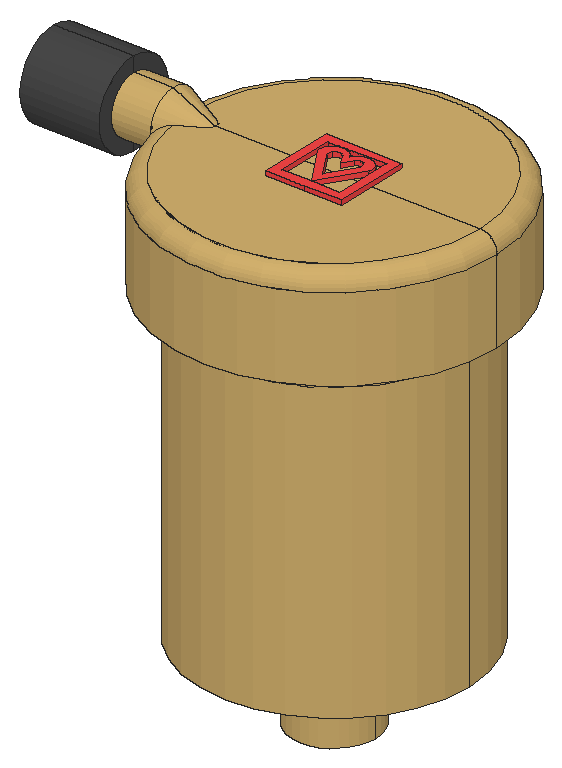
Revit family "Be- u. Entlüfter 2630 02", category Rohrzubehör, Revit 2019
Family settings
  Bemaßung runder Anschluss = Durchmesser verwenden
  Teiletyp = Normal
  OmniClass-Nummer = 23.65.55.14
  OmniClass-Titel = Valves for Liquid Services
  Arbeitsebenenbasiert = Nein
  Immer vertikal = Ja
  Beim Laden mit Abzugskörper schneiden = Nein
  Gemeinsam genutzt = Nein
Parameters
  URL = "www.herz-armaturen.at"
  Schwimmer = "Polypropylen"  # constant formula
  SCRNSEQ = "AWI;AWI_TYP=\"1013\";1"
  SCRNCODE = "05;14;01"  # constant formula
  S02 = 11.000 mm  # constant formula
  S01 = 24.500 mm  # constant formula
  R01 = 2.000 mm  # constant formula
  Nennweite AG [instance] = 10.000 mm  # constant formula
  Min.Betriebstemperatur = 0 °C  # constant formula
  Medium = "Heizungswasser nach ÖNORM H5195 oder VDI- Richtlinie 2035. Die Verwendung von Ethylen- oder Propyleneglykol in einem Mischungsverhältnis von 25 - 50% ist zulässig. EPDM-Dichtungen können durch Mineralöle und Schmiermittel beeinflusst werden, was zum Versagen der EPDM-Dichtungen führen kann. Bitte beachten Sie die Dokumentation des Herstellers, wenn Ethylenglykol-Produkte für den Frost- und Korrosionsschutz verwendet werden."
  Max.Strukturdruck = 1200000.0 Pa  # constant formula
  Max.Betriebstemperatur = 110 °C  # constant formula
  Max.Betriebsdruck = 800000.0 Pa  # constant formula
  L04 = L00 - L01  # 24.000 mm
  L03 = 13.500 mm  # constant formula
  L02 = 4.800 mm  # constant formula
  L01 = 9.500 mm  # constant formula
  L00 = 33.500 mm  # constant formula
  Hersteller = "Herz-Armaturen GmbH"  # constant formula
  H05 = H00 - 1.000 mm  # 58.000 mm
  H04 = H03 - D03  # 57.900 mm
  H03 = 63.000 mm  # constant formula
  H02 = 9.500 mm  # constant formula
  H01 = 12.000 mm  # constant formula
  H00 = 59.000 mm  # constant formula
  Gehäuse = "geschmiedetes Messing nach EN 12165, CW617N"  # constant formula
  G1 [instance] = Nennweite AG / 2  # 5.000 mm
  Dichtungen = "NBR"  # constant formula
  Deckel = "geschmiedetes Messing nach EN 12165, CW617N"  # constant formula
  D05 = 0.800 mm  # constant formula
  D04 = 3.400 mm  # constant formula
  D03 = 5.100 mm  # constant formula
  D02 = 19.500 mm  # constant formula
  D01 = 16.200 mm  # constant formula
  Bestellnummer [instance] = if(Nennweite AG = 10.000 mm, 1263002, 0)  # 1263002
  Aussengewindeanschluss = "nach ISO 228"  # constant formula
  Anwendungsgebiet = "Der automatische Schnellentlüfter wird in Heizungs- und Kühlungssysteme zur Entlüftung der Anlage verwendet. Das Ventil sollte in der Nähe des Boilers oder am höchsten Punkt der Anlage installiert werden, um eine garantierte Entlüftung der Anlage an die Umgebung zu gewährleisten."
  Abdeckkappe = "Polypropylen, Schwarz"  # constant formula
Reference planes
  plane 1 "Mitte (Vorne/hinten)": y = 0
  plane 2: z = 0
  plane 3 "Mitte (Links/rechts)": x = 0
Forms (mm)
  Revolve 1, solid, material "Messing", detail levels fine
    sketch origin (0, 0, 0) x (1, 0, 0) y (0, 0, 1)
      loop
        line (0, 0) -> (0, 59) -> (-17.5, 59)
        arc (-17.5, 59) -> (-18.914, 58.414) -> (-19.5, 57) r 2
        line (-19.5, 57) -> (-19.5, 47) -> (-18.2, 47)
        arc (-18.2, 47) -> (-16.786, 46.414) -> (-16.2, 45) r 2
        line (-16.2, 45) -> (-16.2, 9.5) -> (-5, 9.5) -> (-5, 0) -> (0, 0)
      axis (0, 59) -> (0, 0)
    angle from 0 to 360
  Revolve 2, solid, material "Kunststoff - schwarz", detail levels fine
    sketch origin (0, 0, 0) x (1, 0, 0) y (0, 0, 1)
      loop
        line (-33.5, 57.9) -> (-24, 57.9) -> (-24, 63) -> (-33.5, 63) -> (-33.5, 57.9)
      axis (-33.5, 57.9) -> (-24, 57.9)
    angle from 0 to 360
  Revolve 3, solid, material "Messing", detail levels fine
    sketch origin (0, 0, 0) x (1, 0, 0) y (0, 0, 1)
      loop
        line (-24, 57.9) -> (0, 57.9) -> (0, 58.7) -> (-13.5, 58.7) -> (-19.2, 61.3) -> (-24, 61.3) -> (-24, 57.9)
      axis (-24, 57.9) -> (0, 57.9)
    angle from 0 to 360
Lines and regions (mm)
  model lines, detail levels coarse+medium
    curve 1: line (0, 0, 59) -> (-11.455, 0, 47.545)
    curve 2: line (0, 0, 59) -> (11.455, 0, 47.545)
    curve 3: circle (0, 0, 34.5) r 11 normal (0, -1, 0)
    curve 4: line (0, 0, 10) -> (-11.455, 0, 21.455)
    curve 5: line (0, 0, 10) -> (11.455, 0, 21.455)
    curve 6: line (0, 0, 59) -> (0, 0, 45.5)
    curve 7: line (0, 0, 23.5) -> (0, 0, 0)
    curve 8: line (0, 0, 59) -> (0, -11.455, 47.545)
    curve 9: line (0, 0, 59) -> (0, 11.455, 47.545)
    curve 10: circle (0, 0, 34.5) r 11 normal (1, 0, 0)
    curve 11: line (0, 0, 10) -> (0, -11.455, 21.455)
    curve 12: line (0, 0, 10) -> (0, 11.455, 21.455)
    curve 13: line (0, 59, 0) -> (11.455, 47.545, 0)
    curve 14: line (0, 59, 0) -> (-11.455, 47.545, 0)
    curve 15: circle (0, 34.5, 0) r 11 normal (0, 0, 1)
    curve 16: line (0, 59, 0) -> (0, 45.5, 0)
    curve 17: line (0, 23.5, 0) -> (0, 0, 0)
    curve 18: line (0, 10, 0) -> (11.455, 21.455, 0)
    curve 19: line (0, 10, 0) -> (-11.455, 21.455, 0)
Dimensions and locks
  "G1": Revolve 1 sketch curve to Revolve 1 sketch curve
  "H00": Revolve 1 sketch curve to Revolve 1 sketch curve
  "D01": Revolve 1 sketch curve to Revolve 1 sketch curve
  "D02": Revolve 1 sketch curve to Revolve 1 sketch curve
  "H02": Revolve 1 sketch curve to Revolve 1 sketch curve
  "H01": Revolve 1 sketch curve to Revolve 1 sketch curve
  "D03": Revolve 2 sketch curve to Revolve 2 sketch curve
  "L01": Revolve 2 sketch curve to Revolve 2 sketch curve
  "L00": Revolve 2 sketch curve to plane 3 "Mitte (Links/rechts)"
  "D04": Revolve 3 sketch curve to Revolve 3 sketch curve
  "L02": Revolve 3 sketch curve to Revolve 3 sketch curve
  "L03": Revolve 3 sketch curve to plane 3 "Mitte (Links/rechts)"
  "L04": Revolve 3 sketch curve to plane 3 "Mitte (Links/rechts)"
  "D05": Revolve 3 sketch curve to Revolve 3 sketch curve
  "H03": Revolve 2 sketch curve to plane 2
  "H04": Revolve 3 sketch curve to plane 2
  "H05": nested 1 to plane 2
  "D01": curve 2 to curve 2
  "D01": curve 1 to curve 2
  "S01": curve 5 to curve 3 to curve 2
  "H00": curve 6 to plane 2
  "D01": curve 4 to curve 5
  "D01": curve 5 to curve 5
  "S01": curve 9 to curve 10
  "H00": curve 9 to plane 2
  "S01": curve 12 to curve 10
  "D01": curve 8 to curve 8
  "D01": curve 9 to curve 9
  "D01": curve 11 to curve 11
  "D01": curve 12 to curve 12
  "H00": curve 16 to curve 17
  "D01": curve 14 to curve 14
  "D01": curve 13 to curve 13
  "D01": curve 19 to curve 19
  "D01": curve 18 to curve 18
  "S01": curve 16 to curve 15 to curve 19
  "R01": radius of Revolve 1 sketch curve  (x2)
  "S02": radius of curve 3
  "S02": radius of curve 10
  "S02": radius of curve 15
  angle curve 1 to curve 6 = 45.00°
  angle curve 6 to curve 2 = 45.00°
  angle curve 5 to curve 7 = 45.00°
  angle curve 7 to curve 4 = 45.00°
  angle plane 1 "Mitte (Vorne/hinten)" to curve 9 = 45.00°
  angle curve 8 to plane 1 "Mitte (Vorne/hinten)" = 45.00°
  angle plane 1 "Mitte (Vorne/hinten)" to curve 11 = 45.00°
  angle curve 12 to plane 1 "Mitte (Vorne/hinten)" = 45.00°
  angle curve 16 to curve 13 = 45.00°
  angle curve 14 to curve 16 = 45.00°
  angle curve 16 to curve 19 = 45.00°
  angle curve 18 to curve 17 = 45.00°
  aligned and locked: level to plane 2
Automatic sketch dimensions
  curve 12 to plane 1 "Mitte (Vorne/hinten)" = 0.000 mm
  curve 10 to plane 1 "Mitte (Vorne/hinten)" = 0.000 mm
  curve 9 to plane 1 "Mitte (Vorne/hinten)" = 0.000 mm
  curve 2 to plane 3 "Mitte (Links/rechts)" = 0.000 mm
  curve 7 to plane 3 "Mitte (Links/rechts)" = 0.000 mm
  curve 3 to plane 3 "Mitte (Links/rechts)" = 0.000 mm
  curve 4 to plane 3 "Mitte (Links/rechts)" = 0.000 mm
  curve 14 to plane 3 "Mitte (Links/rechts)" = 0.000 mm
  curve 19 to plane 3 "Mitte (Links/rechts)" = 0.000 mm
  curve 15 to plane 3 "Mitte (Links/rechts)" = 0.000 mm
  curve 17 to plane 3 "Mitte (Links/rechts)" = 0.000 mm
  plane 1 "Mitte (Vorne/hinten)" to curve 17 = 0.000 mm
  Revolve 1 sketch curve to level = 0.000 mm
  Revolve 1 sketch curve to plane 3 "Mitte (Links/rechts)" = 0.000 mm  (x2)
  Revolve 1 sketch curve to level = 2000.000 mm
  Revolve 1 sketch curve to Revolve 1 sketch curve = 1937.000 mm
  Revolve 2 sketch curve to Revolve 2 sketch curve = 0.000 mm  (x3)
  Revolve 3 sketch curve to plane 3 "Mitte (Links/rechts)" = 0.000 mm
  Revolve 3 sketch curve to Revolve 3 sketch curve = 0.212 mm
  Revolve 3 sketch curve to plane 3 "Mitte (Links/rechts)" = 0.539 mm
  Revolve 3 sketch curve to Revolve 3 sketch curve = 0.000 mm
Nested families
  nested 1: "Herz-Logo" at (0, 0, 58), type "Herz-Logo", detail levels fine
Connectors
  piping at (0, 0, 0), diameter 10, driven by "Nennweite AG"
    settings: on Revolve 1, index 1, connector inside diameter 609.6 mm, connector length 0.000 mm, flow factor 0, pipe flow 0.0 L/s, pressure drop 0.0 Pa, fitting loss kfactor 0, connector angle 0.00°, fixture units 0, engagement length 0.000 mm, angle of deflection 0.00°, flow configuration 0, flow direction 1, fitting loss method 0, system type 29, joint type 0, gender type 0, connector reference index -1, connector utility 0, adjustable connector no, is connector primary yes, connector description ""
Definition of nested family "Herz-Logo"
  Reference planes
    plane 1 "Mitte (Vorne/hinten)": y = 0
    plane 2: z = 0
    plane 3 "Mitte (Links/rechts)": x = 0
  Forms (mm)
    Extrusion 1, solid
      sketch origin (0, 0, 0) x (1, 0, 0) y (0, 1, 0)
        loop
          line (-0.018, -4.517) -> (4.482, -4.517) -> (4.482, 4.483) -> (-4.518, 4.483) -> (-4.518, -4.517) -> (-0.018, -4.517)
        loop
          line (-0.05, -3.48) -> (3.482, -3.48) -> (3.482, 3.483) -> (-3.518, 3.483) -> (-3.518, -3.48) -> (-0.05, -3.48)
        loop
          arc (-0.018, 2.383) -> (-1.543, 3.287) -> (-3.067, 2.383) r 1.738
          arc (-3.067, 2.383) -> (-3.191, 1.899) -> (-3.067, 1.415) r 1.009
          line (-3.067, 1.415) -> (-0.018, -3.281) -> (3.032, 1.415)
          arc (3.032, 1.415) -> (3.156, 1.899) -> (3.032, 2.383) r 1.009
          arc (3.032, 2.383) -> (1.507, 3.287) -> (-0.018, 2.383) r 1.738
        loop
          arc (1.885, 1.272) -> (2.005, 1.675) -> (1.885, 2.079) r 0.74
          arc (1.885, 2.079) -> (1.265, 2.416) -> (0.644, 2.079) r 0.74
          line (0.644, 2.079) -> (-0.018, 0.97) -> (-0.679, 2.079)
          arc (-0.679, 2.079) -> (-1.3, 2.416) -> (-1.921, 2.079) r 0.74
          arc (-1.921, 2.079) -> (-2.04, 1.675) -> (-1.921, 1.272) r 0.74
          line (-1.921, 1.272) -> (-0.018, -1.658) -> (1.885, 1.272)
      from 0 to 1.5
  Dimensions and locks
    aligned and locked: level to plane 2
